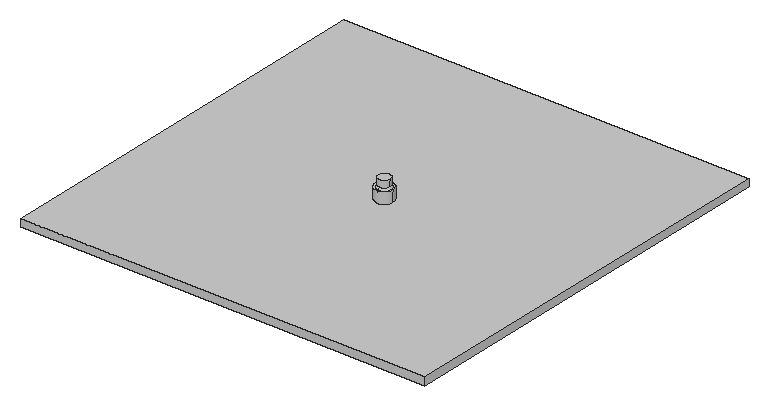
Revit family "SG0086523061CW", category Aparatos sanitarios, Revit 2019 (continued)
Automatic sketch dimensions
  radius of Extrusion 1728 sketch curve = 1.0 mm
  radius of Extrusion 1729 sketch curve = 0.896 mm
  radius of Extrusion 1730 sketch curve = 1.0 mm
  radius of Extrusion 1731 sketch curve = 0.896 mm
  radius of Extrusion 1732 sketch curve = 1.0 mm
  radius of Extrusion 1733 sketch curve = 0.896 mm
  radius of Extrusion 1734 sketch curve = 1.0 mm
  radius of Extrusion 1735 sketch curve = 0.896 mm
  radius of Extrusion 1736 sketch curve = 1.0 mm
  radius of Extrusion 1737 sketch curve = 0.896 mm
  radius of Extrusion 1738 sketch curve = 1.0 mm
  radius of Extrusion 1739 sketch curve = 0.896 mm
  radius of Extrusion 1740 sketch curve = 1.0 mm
  radius of Extrusion 1741 sketch curve = 0.896 mm
  radius of Extrusion 1742 sketch curve = 1.0 mm
  radius of Extrusion 1743 sketch curve = 0.896 mm
  radius of Extrusion 1744 sketch curve = 1.0 mm
  radius of Extrusion 1745 sketch curve = 0.896 mm
  radius of Extrusion 1746 sketch curve = 1.0 mm
  radius of Extrusion 1747 sketch curve = 0.896 mm
  radius of Extrusion 1748 sketch curve = 1.0 mm
  radius of Extrusion 1749 sketch curve = 0.896 mm
  radius of Extrusion 1750 sketch curve = 1.0 mm
  radius of Extrusion 1751 sketch curve = 0.896 mm
  radius of Extrusion 1752 sketch curve = 1.0 mm
  radius of Extrusion 1753 sketch curve = 0.896 mm
  radius of Extrusion 1754 sketch curve = 1.0 mm
  radius of Extrusion 1755 sketch curve = 0.896 mm
  radius of Extrusion 1756 sketch curve = 1.0 mm
  radius of Extrusion 1757 sketch curve = 0.896 mm
  radius of Extrusion 1758 sketch curve = 1.0 mm
  radius of Extrusion 1759 sketch curve = 0.896 mm
  radius of Extrusion 1760 sketch curve = 1.0 mm
  radius of Extrusion 1761 sketch curve = 0.896 mm
  radius of Extrusion 1762 sketch curve = 1.0 mm
  radius of Extrusion 1763 sketch curve = 0.896 mm
  radius of Extrusion 1764 sketch curve = 1.0 mm
  radius of Extrusion 1765 sketch curve = 0.896 mm
  radius of Extrusion 1766 sketch curve = 1.0 mm
  radius of Extrusion 1767 sketch curve = 0.896 mm
  radius of Extrusion 1768 sketch curve = 1.0 mm
  radius of Extrusion 1769 sketch curve = 0.896 mm
  radius of Extrusion 1770 sketch curve = 1.0 mm
  radius of Extrusion 1771 sketch curve = 0.896 mm
  radius of Extrusion 1772 sketch curve = 1.0 mm
  radius of Extrusion 1773 sketch curve = 0.896 mm
  radius of Extrusion 1774 sketch curve = 1.0 mm
  radius of Extrusion 1775 sketch curve = 0.896 mm
  radius of Extrusion 1776 sketch curve = 1.0 mm
  radius of Extrusion 1777 sketch curve = 0.896 mm
  radius of Extrusion 1778 sketch curve = 1.0 mm
  radius of Extrusion 1779 sketch curve = 0.896 mm
  radius of Extrusion 1780 sketch curve = 1.0 mm
  radius of Extrusion 1781 sketch curve = 0.896 mm
  radius of Extrusion 1782 sketch curve = 1.0 mm
  radius of Extrusion 1783 sketch curve = 0.896 mm
  radius of Extrusion 1784 sketch curve = 1.0 mm
  radius of Extrusion 1785 sketch curve = 0.896 mm
  radius of Extrusion 1786 sketch curve = 1.0 mm
  radius of Extrusion 1787 sketch curve = 0.896 mm
  radius of Extrusion 1788 sketch curve = 1.0 mm
  radius of Extrusion 1789 sketch curve = 0.896 mm
  radius of Extrusion 1790 sketch curve = 1.0 mm
  radius of Extrusion 1791 sketch curve = 0.896 mm
  radius of Extrusion 1792 sketch curve = 1.0 mm
  radius of Extrusion 1793 sketch curve = 0.896 mm
  radius of Extrusion 1794 sketch curve = 1.0 mm
  radius of Extrusion 1795 sketch curve = 0.896 mm
  radius of Extrusion 1796 sketch curve = 1.0 mm
  radius of Extrusion 1797 sketch curve = 0.896 mm
  radius of Extrusion 1798 sketch curve = 1.0 mm
  radius of Extrusion 1799 sketch curve = 0.896 mm
  radius of Extrusion 1800 sketch curve = 1.0 mm
  radius of Extrusion 1801 sketch curve = 0.896 mm
  radius of Extrusion 1802 sketch curve = 1.0 mm
  radius of Extrusion 1803 sketch curve = 0.896 mm
  radius of Extrusion 1804 sketch curve = 1.0 mm
  radius of Extrusion 1805 sketch curve = 0.896 mm
  radius of Extrusion 1806 sketch curve = 1.0 mm
  radius of Extrusion 1807 sketch curve = 0.896 mm
  radius of Extrusion 1808 sketch curve = 1.0 mm
  radius of Extrusion 1809 sketch curve = 0.896 mm
  radius of Extrusion 1810 sketch curve = 1.0 mm
  radius of Extrusion 1811 sketch curve = 0.896 mm
  radius of Extrusion 1812 sketch curve = 1.0 mm
  radius of Extrusion 1813 sketch curve = 0.896 mm
  radius of Extrusion 1814 sketch curve = 1.0 mm
  radius of Extrusion 1815 sketch curve = 0.896 mm
  radius of Extrusion 1816 sketch curve = 1.0 mm
  radius of Extrusion 1817 sketch curve = 0.896 mm
  radius of Extrusion 1818 sketch curve = 1.0 mm
  radius of Extrusion 1819 sketch curve = 0.896 mm
  radius of Extrusion 1820 sketch curve = 1.0 mm
  radius of Extrusion 1821 sketch curve = 0.896 mm
  radius of Extrusion 1822 sketch curve = 1.0 mm
  radius of Extrusion 1823 sketch curve = 0.896 mm
  radius of Extrusion 1824 sketch curve = 1.0 mm
  radius of Extrusion 1825 sketch curve = 0.896 mm
  radius of Extrusion 1826 sketch curve = 1.0 mm
  radius of Extrusion 1827 sketch curve = 0.896 mm
  radius of Extrusion 1828 sketch curve = 1.0 mm
  radius of Extrusion 1829 sketch curve = 0.896 mm
  radius of Extrusion 1830 sketch curve = 1.0 mm
  radius of Extrusion 1831 sketch curve = 0.896 mm
  radius of Extrusion 1832 sketch curve = 1.0 mm
  radius of Extrusion 1833 sketch curve = 0.896 mm
  radius of Extrusion 1834 sketch curve = 1.0 mm
  radius of Extrusion 1835 sketch curve = 0.896 mm
  radius of Extrusion 1836 sketch curve = 1.0 mm
  radius of Extrusion 1837 sketch curve = 0.896 mm
  radius of Extrusion 1838 sketch curve = 1.0 mm
  radius of Extrusion 1839 sketch curve = 0.896 mm
  radius of Extrusion 1840 sketch curve = 1.0 mm
  radius of Extrusion 1841 sketch curve = 0.896 mm
  radius of Extrusion 1842 sketch curve = 1.0 mm
  radius of Extrusion 1843 sketch curve = 0.896 mm
  radius of Extrusion 1844 sketch curve = 1.0 mm
  radius of Extrusion 1845 sketch curve = 0.896 mm
  radius of Extrusion 1846 sketch curve = 1.0 mm
  radius of Extrusion 1847 sketch curve = 0.896 mm
  radius of Extrusion 1848 sketch curve = 1.0 mm
  radius of Extrusion 1849 sketch curve = 0.896 mm
  radius of Extrusion 1850 sketch curve = 1.0 mm
  radius of Extrusion 1851 sketch curve = 0.896 mm
  radius of Extrusion 1852 sketch curve = 1.0 mm
  radius of Extrusion 1853 sketch curve = 0.896 mm
  radius of Extrusion 1854 sketch curve = 1.0 mm
  radius of Extrusion 1855 sketch curve = 0.896 mm
  radius of Extrusion 1856 sketch curve = 1.0 mm
  radius of Extrusion 1857 sketch curve = 0.896 mm
  radius of Extrusion 1858 sketch curve = 1.0 mm
  radius of Extrusion 1859 sketch curve = 0.896 mm
  radius of Extrusion 1860 sketch curve = 1.0 mm
  radius of Extrusion 1861 sketch curve = 0.896 mm
  radius of Extrusion 1862 sketch curve = 1.0 mm
  radius of Extrusion 1863 sketch curve = 0.896 mm
  radius of Extrusion 1864 sketch curve = 11.5 mm
  radius of Extrusion 1865 sketch curve = 17.5 mm
  radius of Extrusion 1866 sketch curve = 7.7 mm
  radius of Extrusion 1868 sketch curve = 1.0 mm
  radius of Extrusion 1869 sketch curve = 0.896 mm
  radius of Extrusion 1870 sketch curve = 1.0 mm
  radius of Extrusion 1871 sketch curve = 0.896 mm
  radius of Extrusion 1872 sketch curve = 1.0 mm
  radius of Extrusion 1873 sketch curve = 0.896 mm
  radius of Extrusion 1874 sketch curve = 1.0 mm
  radius of Extrusion 1875 sketch curve = 0.896 mm
  radius of Extrusion 1876 sketch curve = 1.0 mm
  radius of Extrusion 1877 sketch curve = 0.896 mm
  radius of Extrusion 1878 sketch curve = 1.0 mm
  radius of Extrusion 1879 sketch curve = 0.896 mm
  radius of Extrusion 1880 sketch curve = 1.0 mm
  radius of Extrusion 1881 sketch curve = 0.896 mm
  radius of Extrusion 1882 sketch curve = 1.0 mm
  radius of Extrusion 1883 sketch curve = 0.896 mm
  radius of Extrusion 1884 sketch curve = 1.0 mm
  radius of Extrusion 1885 sketch curve = 0.896 mm
  radius of Extrusion 1886 sketch curve = 1.0 mm
  radius of Extrusion 1887 sketch curve = 0.896 mm
  radius of Extrusion 1888 sketch curve = 1.0 mm
  radius of Extrusion 1889 sketch curve = 0.896 mm
  radius of Extrusion 1890 sketch curve = 1.0 mm
  radius of Extrusion 1891 sketch curve = 0.896 mm
  radius of Extrusion 1892 sketch curve = 1.0 mm
  radius of Extrusion 1893 sketch curve = 0.896 mm
  radius of Extrusion 1894 sketch curve = 1.0 mm
  radius of Extrusion 1895 sketch curve = 0.896 mm
  radius of Extrusion 1896 sketch curve = 1.0 mm
  radius of Extrusion 1897 sketch curve = 0.896 mm
  radius of Extrusion 1898 sketch curve = 1.0 mm
  radius of Extrusion 1899 sketch curve = 0.896 mm
  radius of Extrusion 1900 sketch curve = 1.0 mm
  radius of Extrusion 1901 sketch curve = 0.896 mm
  radius of Extrusion 1902 sketch curve = 1.0 mm
  radius of Extrusion 1903 sketch curve = 0.896 mm
  radius of Extrusion 1904 sketch curve = 1.0 mm
  radius of Extrusion 1905 sketch curve = 0.896 mm
  radius of Extrusion 1906 sketch curve = 1.0 mm
  radius of Extrusion 1907 sketch curve = 0.896 mm
  radius of Extrusion 1908 sketch curve = 1.0 mm
  radius of Extrusion 1909 sketch curve = 0.896 mm
  radius of Extrusion 1910 sketch curve = 1.0 mm
  radius of Extrusion 1911 sketch curve = 0.896 mm
  radius of Extrusion 1912 sketch curve = 1.0 mm
  radius of Extrusion 1913 sketch curve = 0.896 mm
  radius of Extrusion 1914 sketch curve = 1.0 mm
  radius of Extrusion 1915 sketch curve = 0.896 mm
  radius of Extrusion 1916 sketch curve = 1.0 mm
  radius of Extrusion 1917 sketch curve = 0.896 mm
  radius of Extrusion 1918 sketch curve = 1.0 mm
  radius of Extrusion 1919 sketch curve = 0.896 mm
  radius of Extrusion 1920 sketch curve = 1.0 mm
  radius of Extrusion 1921 sketch curve = 0.896 mm
  radius of Extrusion 1922 sketch curve = 1.0 mm
  radius of Extrusion 1923 sketch curve = 0.896 mm
  radius of Extrusion 1924 sketch curve = 1.0 mm
  radius of Extrusion 1925 sketch curve = 0.896 mm
  radius of Extrusion 1926 sketch curve = 1.0 mm
  radius of Extrusion 1927 sketch curve = 0.896 mm
  radius of Extrusion 1928 sketch curve = 1.0 mm
  radius of Extrusion 1929 sketch curve = 0.896 mm
Connectors
  piping at (0, 0, 2438.4), diameter 15, driven by "Ø agua"
    settings: on Extrusion 1864, index 1, connector inside diameter 609.6 mm, connector length 0.0 mm, flow factor 0, pipe flow 4.0 L/s, pressure drop 0.0 Pa, fitting loss kfactor 0, connector angle 0.00°, fixture units 0, engagement length 0.0 mm, angle of deflection 0.00°, flow configuration 0, flow direction 1, fitting loss method 0, system type 20, joint type 0, gender type 0, connector reference index -1, connector utility 0, adjustable connector no, is connector primary yes, connector description ""
